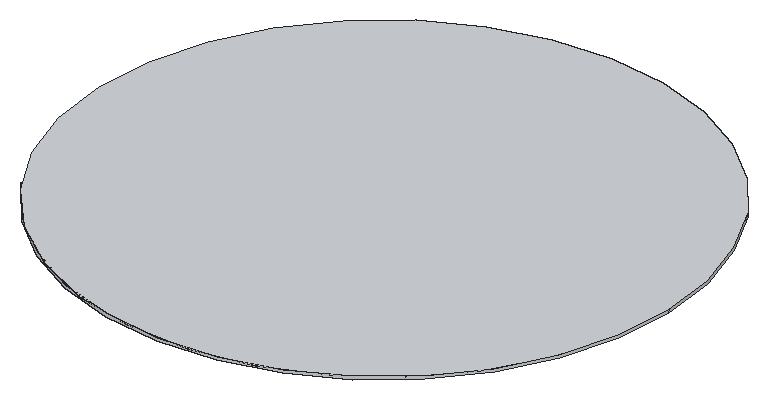
Revit family "SC-Survey_Point", category Generic Models, Revit 2018
Family settings
  Can host rebar = No
  Round Connector Dimension = Use Diameter
  Part Type = Normal
  Work Plane-Based = No
  Always vertical = Yes
  Cut with Voids When Loaded = No
  Shared = No
  Room Calculation Point = No
Parameters
  Z [instance] = 0 mm
  Radius = 200 mm
  CrossHairSize = 1000 mm
Reference planes
  plane 1 "Center (Front/Back)": y = 0
  plane 2: z = 0
  plane 3 "Center (Left/Right)": x = 0
  plane 4 "Base": z = 0
  plane 5: x = -500
  plane 6: x = 500
  plane 7: y = 500
  plane 8: y = -500
Forms (mm)
  Extrusion 1, solid
    sketch origin (0, 0, 0) x (1, 0, 0) y (0, 1, 0)
      loop
        circle (0, 0) r 200
    from -2 to 0
Lines and regions (mm)
  model lines
    curve 1: circle (0, 0, 0) r 200 normal (0, 0, 1)
    curve 2: line (0, 500, 0) -> (0, 0, 0)
    curve 3: line (-500, 0, 0) -> (0, 0, 0)
    curve 4: line (0, 0, 0) -> (500, 0, 0)
    curve 5: line (0, 0, 0) -> (0, -500, 0)
Dimensions and locks
  "Z": plane 2 to plane 4 "Base"
  equal spacing: plane 5, plane 3 "Center (Left/Right)", plane 6
  equal spacing: plane 7, plane 1 "Center (Front/Back)", plane 8
  "CrossHairSize": plane 7 to plane 8
  "CrossHairSize": plane 5 to plane 6
  "Radius": radius of Extrusion 1 sketch curve
  "Radius": radius of curve 1
  aligned and locked: level to plane 2
  aligned and locked: plane 6 to curve 4
  aligned and locked: plane 5 to curve 3
  aligned and locked: plane 8 to curve 5
  aligned and locked: plane 3 "Center (Left/Right)" to curve 4
  aligned and locked: plane 1 "Center (Front/Back)" to curve 5
Automatic sketch dimensions
  plane 1 "Center (Front/Back)" to curve 1 = 0 mm
  curve 1 to plane 3 "Center (Left/Right)" = 0 mm
  curve 2 to plane 7 = 0 mm
  plane 1 "Center (Front/Back)" to Extrusion 1 sketch curve = 0 mm
  Extrusion 1 sketch curve to plane 3 "Center (Left/Right)" = 0 mm
